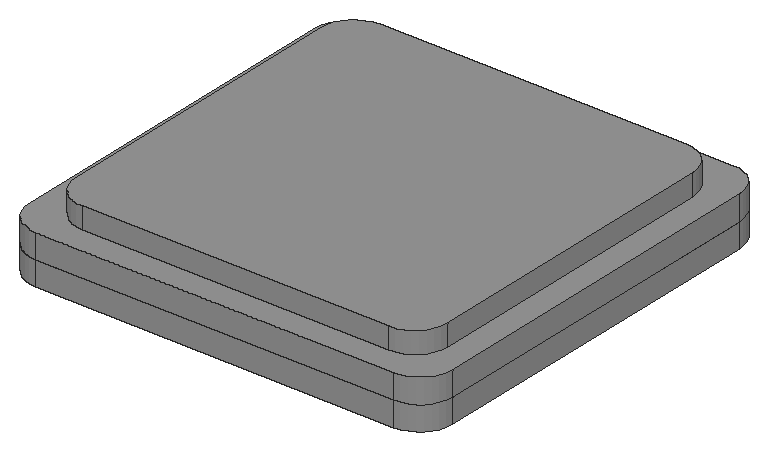
Revit family "FMS2_63_UN_Surface-mounted_ETK", category Lighting Fixtures, Revit 2019 (continued)
Definition of nested family "FMS.2 - Lightsource"
  Types (14, lengths in mm): name | Wattage Comments | Wattage | built-in parameter 1150134 | Photometric Web File | built-in parameter 1150142 | built-in parameter 1150105 | Lumens | built-in parameter 1150107 | built-in parameter 1150106 | Apparent Load
      397.0375\t393.9993\t390.823\t387.7848\t384.7466\t381.5703\t378.5321\t375.3558\t372.3176\t369.1413\r\n366.1031\t362.9268\t359.8886\t356.7123\t353.6741\t350.4978\t347.4596\t344.2833\t341.2451\t338.2069\r\n335.0306\t331.9924\t328.8161\t325.0874\t321.3587\t317.7681\t314.0394\t310.3107\t306.7201\t302.9914\r\n299.2627\t295.6721\t291.9434\t288.2147\t284.6241\t280.8954\t277.1667\t273.5761\t269.8474\t266.1187\r\n262.39\t258.7994\t255.0707\t251.342\t247.6133\t244.0227\t240.294\t236.5653\t232.9747\t229.246\r\n225.5173\t221.9267\t218.198\t214.3312\t210.4644\t206.5976\t202.7308\t198.864\t194.9972\t191.1304\r\n187.2636\t183.3968\t179.53\t175.6632\t171.7964\t167.9296\t164.0628\t160.196\t156.3292\t152.4624\r\n148.5956\t144.7288\t141.0001\t137.0781\t133.2251\t129.3721\t125.5053\t121.6523\t117.7993\t113.9463\r\n110.1071\t106.1022\t95.1233\t84.1443\t73.1792\t62.2002\t51.2351\t40.2561\t29.2772\t18.3121\r\n7.3359\t0\t0\t0\t0\t0\t0\t0\t0\t0\r\n0\t0\t0\t0\t0\t0\t0\t0\t0\t0\r\n0\r\n502.9602\t502.4078\t501.7173\t501.0268\t500.4744\t499.922\t499.2315\t498.6791\t497.9886\t497.4362\r\n496.8838\t496.1933\t495.6409\t495.0885\t494.5361\t493.9837\t493.4313\t492.8789\t492.1884\t491.636\r\n491.0836\t490.5312\t489.9788\t489.4264\t488.7359\t488.1835\t487.6311\t487.0787\t486.5263\t485.9739\r\n485.2834\t483.9024\t481.969\t480.0356\t477.9641\t476.0307\t473.9592\t472.0258\t469.9543\t468.0209\r\n465.9494\t463.8779\t461.9445\t459.873\t457.9396\t455.8681\t453.9347\t451.8632\t449.7917\t447.8583\r\n445.7868\t443.7153\t441.7819\t439.7104\t437.6389\t435.7055\t433.634\t431.5625\t429.491\t427.5576\r\n425.4861\t423.2765\t420.1002\t417.062\t414.0238\t410.9856\t407.9474\t404.9092\t401.7329\t398.6947\r\n395.6565\t392.6183\t389.5801\t386.4038\t383.3656\t380.3274\t377.2892\t374.1129\t371.0747\t368.0365\r\n364.9983\t361.822\t358.7838\t355.7456\t352.5693\t349.5311\t346.4929\t343.4547\t340.2784\t337.2402\r\n334.202\t331.0257\t327.4351\t323.7064\t320.1158\t316.3871\t312.6584\t309.0678\t305.3391\t301.7485\r\n298.0198\t294.4292\t290.7005\t287.1099\t283.3812\t279.7906\t276.0619\t272.3332\t268.7426\t265.0139\r\n261.4233\t257.6946\t254.104\t250.3753\t246.7847\t243.056\t239.4654\t235.7367\t232.1461\t228.4174\r\n224.8268\t221.0981\t217.2313\t213.3645\t209.4977\t205.769\t201.9022\t198.0354\t194.1686\t190.3018\r\n186.5731\t182.7063\t178.8395\t174.9727\t171.1059\t167.2391\t163.5104\t159.6436\t155.7768\t151.91\r\n148.0432\t144.1764\t140.4477\t136.5533\t132.7141\t128.8749\t125.0219\t121.1827\t117.3436\t113.5044\r\n109.6652\t101.8073\t90.8698\t79.9185\t68.9671\t58.0158\t47.0645\t36.1131\t25.1618\t14.2105\r\n3.2619\t0\t0\t0\t0\t0\t0\t0\t0\t0\r\n0\t0\t0\t0\t0\t0\t0\t0\t0\t0\r\n0\r\n502.9602\t502.4078\t501.7173\t501.0268\t500.4744\t499.7839\t499.2315\t498.541\t497.9886\t497.4362\r\n496.7457\t496.1933\t495.5028\t494.9504\t494.398\t493.7075\t493.1551\t492.6027\t491.9122\t491.3598\r\n490.8074\t490.1169\t489.5645\t489.0121\t488.4597\t487.7692\t487.2168\t486.6644\t486.112\t485.4215\r\n484.8691\t483.0738\t481.0023\t479.0689\t476.9974\t474.9259\t472.9925\t470.921\t468.9876\t466.9161\r\n464.9827\t462.9112\t460.8397\t458.9063\t456.8348\t454.9014\t452.8299\t450.8965\t448.825\t446.8916\r\n444.8201\t442.7486\t440.8152\t438.7437\t436.6722\t434.7388\t432.6673\t430.5958\t428.6624\t426.5909\r\n424.5194\t421.7574\t418.7192\t415.5429\t412.5047\t409.4665\t406.4283\t403.3901\t400.3519\t397.3137\r\n394.1374\t391.0992\t388.061\t385.0228\t381.9846\t378.9464\t375.9082\t372.87\t369.8318\t366.6555\r\n363.6173\t360.5791\t357.5409\t354.5027\t351.4645\t348.4263\t345.25\t342.2118\t339.1736\t336.1354\r\n333.0972\t329.5066\t325.916\t322.3254\t318.5967\t315.0061\t311.4155\t307.6868\t304.0962\t300.3675\r\n296.7769\t293.1863\t289.4576\t285.867\t282.2764\t278.5477\t274.9571\t271.2284\t267.6378\t264.0472\r\n260.3185\t256.7279\t253.1373\t249.4086\t245.818\t242.0893\t238.4987\t234.9081\t231.1794\t227.5888\r\n223.9982\t220.1314\t216.2646\t212.5359\t208.6691\t204.8023\t201.0736\t197.2068\t193.34\t189.6113\r\n185.7445\t181.8777\t178.149\t174.2822\t170.4154\t166.5486\t162.8199\t158.9531\t155.0863\t151.3576\r\n147.4908\t143.624\t139.7572\t135.9871\t132.1617\t128.3363\t124.511\t120.6718\t116.8464\t113.021\r\n109.1957\t99.0453\t88.1354\t77.2255\t66.3018\t55.3919\t44.482\t33.5583\t22.6484\t11.7302\r\n0.8141\t0\t0\t0\t0\t0\t0\t0\t0\t0\r\n0\t0\t0\t0\t0\t0\t0\t0\t0\t0\r\n0\r\n502.9602\t502.4078\t501.7173\t501.1649\t500.4744\t499.7839\t499.2315\t498.541\t497.9886\t497.2981\r\n496.7457\t496.0552\t495.5028\t494.8123\t494.2599\t493.5694\t493.017\t492.3265\t491.7741\t491.0836\r\n490.5312\t489.8407\t489.2883\t488.5978\t487.9073\t487.3549\t486.6644\t486.112\t485.4215\t484.8691\r\n484.1786\t482.2452\t480.1737\t478.1022\t476.1688\t474.0973\t472.0258\t470.0924\t468.0209\t465.9494\r\n464.016\t461.9445\t459.873\t457.9396\t455.8681\t453.9347\t451.8632\t449.7917\t447.8583\t445.7868\r\n443.7153\t441.7819\t439.7104\t437.6389\t435.7055\t433.634\t431.5625\t429.6291\t427.5576\t425.4861\r\n423.5527\t420.5145\t417.4763\t414.3\t411.2618\t408.2236\t405.1854\t402.1472\t399.109\t396.0708\r\n393.0326\t389.9944\t386.8181\t383.7799\t380.7417\t377.7035\t374.6653\t371.6271\t368.5889\t365.5507\r\n362.5125\t359.4743\t356.298\t353.2598\t350.2216\t347.1834\t344.1452\t341.107\t338.0688\t335.0306\r\n331.9924\t328.2637\t324.6731\t321.0825\t317.3538\t313.7632\t310.1726\t306.582\t302.8533\t299.2627\r\n295.6721\t291.9434\t288.3528\t284.7622\t281.0335\t277.4429\t273.8523\t270.1236\t266.533\t262.9424\r\n259.3518\t255.6231\t252.0325\t248.4419\t244.7132\t241.1226\t237.532\t233.8033\t230.2127\t226.6221\r\n223.0315\t219.1647\t215.2979\t211.5692\t207.7024\t203.9737\t200.1069\t196.2401\t192.5114\t188.6446\r\n184.9159\t181.0491\t177.3204\t173.4536\t169.5868\t165.8581\t161.9913\t158.2626\t154.3958\t150.6671\r\n146.8003\t142.9335\t139.2048\t135.3656\t131.5541\t127.7563\t123.9447\t120.1332\t116.3216\t112.5101\r\n108.7123\t97.8438\t86.9616\t76.0931\t65.2246\t54.3562\t43.4877\t32.6192\t21.7369\t10.8712\r\n0\t0\t0\t0\t0\t0\t0\t0\t0\t0\r\n0\t0\t0\t0\t0\t0\t0\t0\t0\t0\r\n0\r\n502.9602\t502.2697\t501.5792\t500.8887\t500.1982\t499.6458\t498.9553\t498.2648\t497.5743\t496.8838\r\n496.1933\t495.6409\t494.9504\t494.2599\t493.5694\t492.8789\t492.3265\t491.636\t490.9455\t490.255\r\n489.7026\t489.0121\t488.3216\t487.7692\t487.0787\t486.3882\t485.8358\t485.1453\t484.4548\t483.9024\r\n483.2119\t481.2785\t479.3451\t477.2736\t475.2021\t473.1306\t471.1972\t469.1257\t467.0542\t464.9827\r\n462.9112\t460.9778\t458.9063\t456.8348\t454.7633\t452.8299\t450.7584\t448.6869\t446.6154\t444.5439\r\n442.6105\t440.539\t438.4675\t436.396\t434.4626\t432.3911\t430.3196\t428.2481\t426.1766\t424.2432\r\n422.1717\t419.2716\t416.2334\t413.1952\t410.157\t406.9807\t403.9425\t400.9043\t397.8661\t394.8279\r\n391.7897\t388.6134\t385.5752\t382.537\t379.4988\t376.4606\t373.2843\t370.2461\t367.2079\t364.1697\r\n361.1315\t357.9552\t354.917\t351.8788\t348.8406\t345.8024\t342.6261\t339.5879\t336.5497\t333.5115\r\n330.4733\t326.8827\t323.2921\t319.7015\t315.9728\t312.3822\t308.7916\t305.201\t301.4723\t297.8817\r\n294.2911\t290.7005\t286.9718\t283.3812\t279.7906\t276.2\t272.4713\t268.8807\t265.2901\t261.6995\r\n258.1089\t254.3802\t250.7896\t247.199\t243.6084\t240.0178\t236.4272\t232.6985\t229.1079\t225.5173\r\n221.9267\t218.198\t214.3312\t210.6025\t206.7357\t203.007\t199.1402\t195.4115\t191.5447\t187.816\r\n183.9492\t180.2205\t176.3537\t172.625\t168.7582\t165.0295\t161.1627\t157.434\t153.5672\t149.8385\r\n145.9717\t142.243\t138.5143\t134.6613\t130.8636\t127.0796\t123.2819\t119.4979\t115.714\t111.9162\r\n108.1323\t98.0924\t87.2792\t76.466\t65.6527\t54.8533\t44.0401\t33.2269\t22.4274\t11.6142\r\n0.806\t0\t0\t0\t0\t0\t0\t0\t0\t0\r\n0\t0\t0\t0\t0\t0\t0\t0\t0\t0\r\n0\r\n502.9602\t502.2697\t501.5792\t500.7506\t500.0601\t499.3696\t498.6791\t497.9886\t497.16\t496.4695\r\n495.779\t495.0885\t494.398\t493.7075\t493.1551\t492.4646\t491.7741\t491.0836\t490.3931\t489.7026\r\n489.1502\t488.4597\t487.7692\t487.0787\t486.3882\t485.6977\t485.0072\t484.3167\t483.6262\t482.9357\r\n482.2452\t480.8642\t478.7927\t476.7212\t474.6497\t472.5782\t470.5067\t468.4352\t466.3637\t464.1541\r\n462.0826\t460.0111\t457.9396\t455.8681\t453.7966\t451.7251\t449.6536\t447.5821\t445.5106\t443.4391\r\n441.3676\t439.2961\t437.0865\t435.015\t432.9435\t430.872\t428.8005\t426.729\t424.5194\t422.4479\r\n420.3764\t418.0287\t414.9905\t411.9523\t408.9141\t405.7378\t402.6996\t399.6614\t396.4851\t393.4469\r\n390.4087\t387.3705\t384.1942\t381.156\t378.1178\t374.9415\t371.9033\t368.727\t365.6888\t362.6506\r\n359.4743\t356.4361\t353.3979\t350.2216\t347.1834\t344.1452\t340.9689\t337.9307\t334.8925\t331.8543\r\n328.678\t325.6398\t321.9111\t318.3205\t314.7299\t311.1393\t307.4106\t303.82\t300.2294\t296.6388\r\n292.9101\t289.3195\t285.7289\t282.1383\t278.5477\t274.9571\t271.2284\t267.6378\t264.0472\t260.4566\r\n256.866\t253.2754\t249.5467\t245.9561\t242.3655\t238.7749\t235.1843\t231.5937\t228.0031\t224.4125\r\n220.8219\t217.0932\t213.3645\t209.4977\t205.769\t202.0403\t198.1735\t194.4448\t190.578\t186.8493\r\n183.1206\t179.2538\t175.5251\t171.6583\t167.9296\t164.2009\t160.3341\t156.6054\t152.7386\t149.0099\r\n145.2812\t141.4144\t137.6995\t133.9294\t130.1593\t126.3891\t122.619\t118.8489\t115.0787\t111.3086\r\n107.5523\t99.8463\t89.1021\t78.3579\t67.6138\t56.8834\t46.1392\t35.4088\t24.6647\t13.9343\r\n3.197\t0\t0\t0\t0\t0\t0\t0\t0\t0\r\n0\t0\t0\t0\t0\t0\t0\t0\t0\t0\r\n0\r\n502.9602\t502.2697\t501.4411\t500.6125\t499.922\t499.0934\t498.4029\t497.7124\t496.8838\t496.1933\r\n495.5028\t494.8123\t494.1218\t493.4313\t492.7408\t492.0503\t491.3598\t490.6693\t489.9788\t489.1502\r\n488.4597\t487.7692\t487.0787\t486.3882\t485.5596\t484.8691\t484.0405\t483.35\t482.5214\t481.8309\r\n481.0023\t480.3118\t478.1022\t476.0307\t473.9592\t471.8877\t469.6781\t467.6066\t465.5351\t463.3255\r\n461.254\t459.0444\t456.9729\t454.7633\t452.6918\t450.6203\t448.4107\t446.3392\t444.2677\t442.0581\r\n439.9866\t437.777\t435.7055\t433.634\t431.4244\t429.3529\t427.2814\t425.0718\t423.0003\t420.7907\r\n418.7192\t416.5096\t414.1619\t410.9856\t407.8093\t404.7711\t401.5948\t398.5566\t395.3803\t392.204\r\n389.1658\t385.9895\t382.9513\t379.775\t376.7368\t373.5605\t370.3842\t367.346\t364.1697\t361.1315\r\n357.9552\t354.7789\t351.7407\t348.5644\t345.5262\t342.3499\t339.3117\t336.1354\t333.0972\t330.059\r\n326.8827\t323.8445\t320.8063\t317.0776\t313.487\t309.7583\t306.1677\t302.5771\t298.8484\t295.2578\r\n291.6672\t287.9385\t284.3479\t280.7573\t277.1667\t273.438\t269.8474\t266.2568\t262.6662\t259.0756\r\n255.3469\t251.7563\t248.1657\t244.5751\t240.9845\t237.3939\t233.8033\t230.2127\t226.6221\t223.0315\r\n219.4409\t215.8503\t212.2597\t208.3929\t204.6642\t200.7974\t197.0687\t193.34\t189.4732\t185.7445\r\n182.0158\t178.149\t174.4203\t170.6916\t166.8248\t163.0961\t159.3674\t155.6387\t151.91\t148.1813\r\n144.3145\t140.5858\t136.8709\t133.1284\t129.3997\t125.6572\t121.9147\t118.1722\t114.4435\t110.7148\r\n106.9723\t103.0917\t92.4303\t81.7552\t71.0939\t60.4326\t49.7712\t39.1099\t28.4486\t17.7873\r\n7.1246\t0\t0\t0\t0\t0\t0\t0\t0\t0\r\n0\t0\t0\t0\t0\t0\t0\t0\t0\t0\r\n0\r\n502.9602\t502.1316\t501.303\t500.6125\t499.7839\t498.9553\t498.1267\t497.4362\t496.7457\t496.0552\r\n495.3647\t494.6742\t493.9837\t493.1551\t492.4646\t491.636\t490.9455\t490.1169\t489.4264\t488.5978\r\n487.9073\t487.0787\t486.2501\t485.4215\t484.5929\t483.9024\t483.0738\t482.2452\t481.4166\t480.588\r\n479.7594\t478.9308\t477.826\t475.6164\t473.4068\t471.1972\t468.9876\t466.9161\t464.7065\t462.635\r\n460.4254\t458.2158\t456.1443\t453.9347\t451.7251\t449.5155\t447.3059\t445.0963\t443.0248\t440.8152\r\n438.6056\t436.396\t434.1864\t431.9768\t429.9053\t427.6957\t425.4861\t423.2765\t421.0669\t418.7192\r\n416.5096\t414.3\t412.0904\t410.0189\t406.9807\t403.8044\t400.6281\t397.4518\t394.2755\t391.0992\r\n387.9229\t384.7466\t381.5703\t378.394\t375.3558\t372.1795\t369.0032\t365.8269\t362.6506\t359.4743\r\n356.298\t353.1217\t350.0835\t346.9072\t343.7309\t340.5546\t337.3783\t334.3401\t331.1638\t327.9875\r\n324.9493\t321.773\t318.5967\t315.5585\t312.2441\t308.5154\t304.9248\t301.1961\t297.6055\t293.8768\r\n290.2862\t286.6956\t282.9669\t279.3763\t275.7857\t272.057\t268.4664\t264.8758\t261.1471\t257.5565\r\n253.9659\t250.3753\t246.6466\t243.056\t239.4654\t235.8748\t232.1461\t228.5555\t224.9649\t221.3743\r\n217.7837\t214.1931\t210.6025\t207.0119\t203.2832\t199.5545\t195.8258\t191.959\t188.2303\t184.5016\r\n180.7729\t177.0442\t173.3155\t169.5868\t165.72\t161.9913\t158.2626\t154.5339\t150.8052\t147.0765\r\n143.4859\t139.7572\t135.9871\t132.286\t128.5711\t124.8562\t121.1551\t117.454\t113.753\t110.0519\r\n106.3508\t102.6497\t97.1395\t86.5473\t75.9688\t65.3903\t54.8119\t44.2334\t33.655\t23.0903\r\n12.5146\t1.9444\t0\t0\t0\t0\t0\t0\t0\t0\r\n0\t0\t0\t0\t0\t0\t0\t0\t0\t0\r\n0\r\n502.9602\t502.1316\t501.303\t500.4744\t499.6458\t498.8172\t498.1267\t497.4362\t496.7457\t496.0552\r\n495.2266\t494.398\t493.7075\t492.8789\t492.0503\t491.3598\t490.5312\t489.7026\t488.874\t488.0454\r\n487.2168\t486.3882\t485.4215\t484.5929\t483.7643\t482.7976\t481.969\t481.0023\t480.0356\t479.0689\r\n478.1022\t477.2736\t476.3069\t475.3402\t473.1306\t470.921\t468.7114\t466.5018\t464.2922\t462.0826\r\n459.7349\t457.5253\t455.3157\t453.1061\t450.8965\t448.5488\t446.3392\t443.9915\t441.7819\t439.4342\r\n437.2246\t434.8769\t432.6673\t430.4577\t428.11\t425.9004\t423.5527\t421.3431\t418.9954\t416.7858\r\n414.4381\t412.2285\t409.8808\t407.5331\t405.3235\t402.9758\t399.7995\t396.6232\t393.3088\t390.1325\r\n386.9562\t383.7799\t380.4655\t377.2892\t373.9748\t370.7985\t367.6222\t364.3078\t361.1315\t357.9552\r\n354.7789\t351.6026\t348.4263\t345.25\t342.0737\t338.8974\t335.7211\t332.5448\t329.3685\t326.0541\r\n322.8778\t319.7015\t316.5252\t313.3489\t310.1726\t306.9963\t303.6819\t299.9532\t296.3626\t292.6339\r\n288.9052\t285.3146\t281.5859\t277.8572\t274.2666\t270.5379\t266.9473\t263.2186\t259.628\t255.8993\r\n252.3087\t248.7181\t245.1275\t241.3988\t237.8082\t234.2176\t230.627\t227.0364\t223.4458\t219.8552\r\n216.2646\t212.674\t209.0834\t205.4928\t201.9022\t198.3116\t194.4448\t190.7161\t186.9874\t183.2587\r\n179.53\t175.8013\t172.0726\t168.3439\t164.6152\t160.8865\t157.1578\t153.4291\t149.7004\t145.9717\r\n142.243\t138.6524\t134.9237\t131.2364\t127.5492\t123.8757\t120.2022\t116.5288\t112.8553\t109.1957\r\n105.5222\t101.8764\t98.2167\t92.527\t82.0452\t71.5772\t61.1093\t50.6413\t40.1733\t29.7191\r\n19.2511\t8.7956\t0\t0\t0\t0\t0\t0\t0\t0\r\n0\t0\t0\t0\t0\t0\t0\t0\t0\t0\r\n0\r\n502.9602\t502.1316\t501.303\t500.3363\t499.5077\t498.8172\t498.1267\t497.4362\t496.7457\t495.9171\r\n495.0885\t494.2599\t493.4313\t492.6027\t491.7741\t490.9455\t490.1169\t489.2883\t488.3216\t487.493\r\n486.5263\t485.5596\t484.5929\t483.6262\t482.6595\t481.6928\t480.7261\t479.7594\t478.7927\t477.826\r\n476.7212\t475.7545\t474.6497\t473.5449\t472.5782\t470.7829\t468.4352\t466.2256\t463.8779\t461.5302\r\n459.3206\t456.9729\t454.6252\t452.2775\t450.0679\t447.7202\t445.3725\t443.0248\t440.6771\t438.3294\r\n435.9817\t433.634\t431.1482\t428.8005\t426.4528\t424.1051\t421.7574\t419.4097\t417.062\t414.7143\r\n412.2285\t409.8808\t407.5331\t405.1854\t402.6996\t400.3519\t398.0042\t395.6565\t392.7564\t389.442\r\n386.2657\t382.9513\t379.6369\t376.3225\t373.0081\t369.6937\t366.3793\t363.0649\t359.7505\t356.5742\r\n353.2598\t350.0835\t346.7691\t343.4547\t340.2784\t336.964\t333.7877\t330.4733\t327.1589\t323.9826\r\n320.8063\t317.4919\t314.3156\t311.1393\t307.8249\t304.6486\t301.4723\t298.296\t295.1197\t291.5291\r\n287.6623\t283.9336\t280.2049\t276.4762\t272.7475\t269.1569\t265.4282\t261.6995\t258.1089\t254.3802\r\n250.7896\t247.0609\t243.4703\t239.7416\t236.151\t232.5604\t228.8317\t225.2411\t221.6505\t217.9218\r\n214.3312\t210.7406\t207.15\t203.5594\t199.9688\t196.3782\t192.7876\t189.3351\t185.6064\t181.7396\r\n178.0109\t174.2822\t170.5535\t166.9629\t163.2342\t159.5055\t155.7768\t152.0481\t148.4575\t144.7288\r\n141.0001\t137.3957\t133.7222\t130.0764\t126.4167\t122.7709\t119.1389\t115.5068\t111.8748\t108.2428\r\n104.6246\t101.0202\t97.4019\t93.8113\t89.3369\t78.9794\t68.6219\t58.2644\t47.9207\t37.577\r\n27.2471\t16.9034\t6.568\t0\t0\t0\t0\t0\t0\t0\r\n0\t0\t0\t0\t0\t0\t0\t0\t0\t0\r\n0\r\n502.9602\t502.1316\t501.1649\t500.3363\t499.5077\t498.8172\t498.1267\t497.4362\t496.6076\t495.779\r\n494.9504\t494.1218\t493.2932\t492.4646\t491.636\t490.6693\t489.7026\t488.874\t487.9073\t486.8025\r\n485.8358\t484.8691\t483.7643\t482.7976\t481.8309\t480.7261\t479.6213\t478.5165\t477.4117\t476.3069\r\n475.2021\t474.0973\t472.9925\t471.7496\t470.6448\t469.4019\t468.159\t466.0875\t463.7398\t461.3921\r\n459.0444\t456.6967\t454.2109\t451.8632\t449.3774\t446.8916\t444.5439\t442.0581\t439.7104\t437.2246\r\n434.8769\t432.3911\t429.9053\t427.4195\t424.9337\t422.586\t420.1002\t417.6144\t415.1286\t412.6428\r\n410.2951\t407.8093\t405.3235\t402.8377\t400.2138\t397.728\t395.2422\t392.7564\t390.2706\t387.9229\r\n385.4371\t382.2608\t378.9464\t375.632\t372.1795\t368.8651\t365.4126\t362.0982\t358.6457\t355.3313\r\n352.0169\t348.7025\t345.3881\t341.9356\t338.6212\t335.3068\t331.8543\t328.5399\t325.2255\t322.0492\r\n318.7348\t315.4204\t312.106\t308.7916\t305.4772\t302.3009\t298.9865\t295.6721\t292.3577\t289.0433\r\n285.7289\t282.5526\t278.962\t275.2333\t271.5046\t267.7759\t264.0472\t260.3185\t256.5898\t252.8611\r\n249.1324\t245.4037\t241.675\t237.9463\t234.3557\t230.627\t226.8983\t223.3077\t219.7171\t216.1265\r\n212.5359\t208.9453\t205.2166\t201.626\t198.0354\t194.4448\t190.8542\t187.2636\t183.673\t180.2205\r\n176.4918\t172.7631\t169.0344\t165.3057\t161.577\t157.9864\t154.2577\t150.6671\t146.9384\t143.3478\r\n139.6191\t136.0561\t132.4379\t128.8335\t125.2015\t121.5832\t117.965\t114.3606\t110.7562\t107.1656\r\n103.5888\t100.012\t96.449\t92.8999\t89.3507\t85.8153\t77.1979\t66.9785\t56.7591\t46.5535\r\n36.3479\t26.1423\t15.9367\t5.7353\t0\t0\t0\t0\t0\t0\r\n0\t0\t0\t0\t0\t0\t0\t0\t0\t0\r\n0\r\n502.9602\t502.1316\t501.1649\t500.3363\t499.5077\t498.8172\t498.1267\t497.2981\t496.4695\t495.6409\r\n494.8123\t493.9837\t493.1551\t492.3265\t491.3598\t490.3931\t489.4264\t488.3216\t487.3549\t486.3882\r\n485.2834\t484.1786\t483.2119\t481.969\t480.8642\t479.7594\t478.5165\t477.4117\t476.1688\t475.064\r\n473.8211\t472.5782\t471.1972\t469.9543\t4
